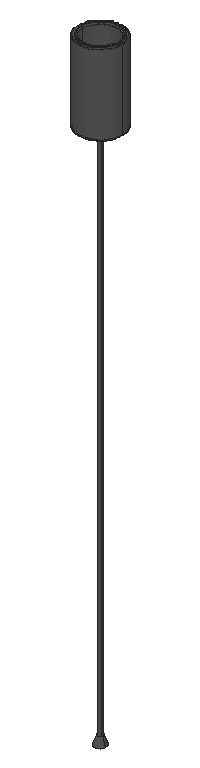
Revit family "CARLO CYLINDER LIGHT Pendant_ Surface", category Lighting Fixtures, host Face, Revit 2020 (continued)
Types (13): name | Wattage_Input | Wattage Comments | Wattage | built-in parameter 1150134 | Size 08 | Size 04 | Photometric Web File | built-in parameter 1150142 | Model | built-in parameter 1150105 | Lumens | built-in parameter 1150107 | built-in parameter 1150106 | Fixture Height | Fixture Diameter | BEAMING ANGLE | Apparent Load
    29223 0.32311 0.35095 \r\n 0.38548 0.43181 0.49629 0.59403 0.7038 0.80446 0.91078 1.0316 1.1636 1.3129 \r\n 1.4592 1.5685 1.6866 1.8676 2.0529 2.1881 2.3147 2.4578 2.6121 2.7909 \r\n 2.9633 3.0908 3.2093 3.3442 3.4882 3.6444 3.8079 3.9728 4.1462 4.3326 \r\n 4.5342 4.7449 4.993 5.2937 5.6796 6.1845 6.8195 7.6367 8.5475 9.4854 \r\n 10.436 11.323 12.263 13.116 14.572 17.259 21.228 27.019 33.787 40.932 \r\n 48.248 55.182 62.184 69.635 77.186 84.644 91.915 98.921 105.41 111.03 \r\n 115.98 120.51 124.13 126.13 127.41 128.67 129.76 130.74 131.64 132.52 \r\n 133.39 134.26 135.17 136.19 137.23 138.17 139.13 140.17 141.29 142.47 \r\n 143.82 145.46 147.35 149.46 151.95 154.99 158.56 162.62 167.47 173.38 \r\n 180.47 188.33 198.77 214.55 232.43 249.79 267.59 284.66 304.73 332.12 \r\n 363.85 398.42 435.63 474.69 515.84 559.13 604.33 651.42 699.73 748.57 \r\n 797.93 847.75 897.6 947.22 996.05 1043.9 1089.3 1131.2 1169.1 1201.4 \r\n 1230.2 1257 1282.5 1308 1333.3 1359.8 1385.1 1407.8 1427.2 1441.7 \r\n 1452.3 \r\n1448.4 1439.1 1426.1 1410 1391.4 1371 1348.3 1322.9 1295.6 1267.7 \r\n 1237.5 1203.7 1166.8 1126.9 1084.4 1039.6 992.96 944.51 894.81 844.28 \r\n 793.32 742.19 691.68 642.56 595.16 550.25 507.3 465.81 426.41 389.43 \r\n 355.36 324.8 297.73 274.75 254.48 235.24 218.5 205.69 195.18 185.73 \r\n 177.63 170.81 165.08 160.3 156.23 152.55 149.39 146.82 144.65 142.71 \r\n 141.05 139.69 138.54 137.56 136.66 135.75 134.84 133.89 132.97 132.13 \r\n 131.34 130.57 129.84 129.17 128.48 127.72 126.82 125.89 124.44 122.05 \r\n 118.65 113.94 108.25 101.71 94.693 87.683 80.48 72.951 65.383 58.002 \r\n 50.857 44.071 37.653 31.554 26.065 21.392 17.742 15.633 14.338 13.343 \r\n 12.536 11.645 10.64 9.3211 7.9332 6.5829 5.4849 5.0122 4.7963 4.5807 \r\n 4.4024 4.2076 4.0127 3.8095 3.618 3.4611 3.3223 3.1963 3.071 2.9302 \r\n 2.7811 2.6208 2.4639 2.3309 2.2018 2.0625 1.9148 1.7453 1.5853 1.4766 \r\n 1.3729 1.229 1.0829 0.96276 0.85304 0.74618 0.64622 0.55243 0.47167 0.41359 \r\n 0.36919 0.33312 0.30408 0.27881 0.25787 0.2408 0.22749 0.21926 0.21133 0.19924 \r\n 0.1874 0.17989 0.17327 0.16486 0.15653 0.14944 0.14298 0.13713 0.13122 0.12424 \r\n 0.11723 0.11113 0.1052 0.099129 0.092657 0.084553 0.077462 0.075905 0.073015 0.060296 \r\n 0.047148 0.042495 0.039272 0.03202 0.024846 0.020789 0.017598 0.013554 0.010095 0.0088099 \r\n 0.007532 0.0036563 0.000090 0 0 0 0 0 0 0 \r\n 0 0 0 0 0 0 0 0 0.000044 0.0019379 \r\n 0.0047921 0.0086244 0.012515 0.015106 0.017728 0.0213 0.025688 0.03124 0.037421 0.043042 \r\n 0.050408 0.063366 0.0761 0.082693 0.087294 0.092143 0.097063 0.10271 0.10882 0.11534 \r\n 0.12227 0.12963 0.13728 0.1451 0.1531 0.16136 0.16958 0.17679 0.18513 0.19842 \r\n 0.21077 0.21475 0.21877 0.23207 0.24814 0.26167 0.27825 0.3029 0.332 0.36142 \r\n 0.39779 0.44442 0.50713 0.59805 0.70149 0.80314 0.91094 1.0271 1.1545 1.3048 \r\n 1.4539 1.568 1.6885 1.8618 2.0397 2.18 2.3118 2.4485 2.5954 2.7746 \r\n 2.9497 3.0805 3.2015 3.3361 3.4781 3.631 3.7886 3.9418 4.1021 4.2769 \r\n 4.4687 4.6799 4.9185 5.1831 5.5054 5.9033 6.4168 7.1151 7.9286 8.826 \r\n 9.7612 10.641 11.575 12.419 13.841 16.446 20.272 25.809 32.307 39.228 \r\n 46.426 53.498 60.682 68.149 75.691 83.192 90.538 97.66 104.3 110.14 \r\n 115.31 120.01 123.76 125.87 127.2 128.43 129.47 130.49 131.42 132.27 \r\n 133.1 133.98 134.89 135.88 136.89 137.87 138.86 139.9 141 142.18 \r\n 143.53 145.14 147.02 149.11 151.58 154.53 158.02 162.03 166.82 172.57 \r\n 179.48 187.34 197.5 211.95 228.46 245.21 262.96 280.99 302.03 329.34 \r\n 360.64 394.82 431.66 470.52 511.56 554.84 599.98 646.8 694.79 743.3 \r\n 792.47 842.42 892.51 942.36 991.37 1039.1 1084.6 1126.5 1164.6 1197.3 \r\n 1226.6 1253.5 1279.2 1305.3 1331.3 1357.7 1382.9 1405.9 1425.7 1440.8 \r\n 1452.3 \r\n1448.4 1439.4 1426.3 1409.7 1390.5 1369.2 1345.8 1320.2 1293 1265.5 \r\n 1235.7 1202.2 1165.7 1126.3 1084.2 1039.7 992.96 944.24 894.21 843.48 \r\n 792.47 741.6 691.41 642.38 595.08 550.49 507.82 466.35 426.85 389.67 \r\n 355.42 324.86 298 275.86 256.21 236.36 218.8 205.82 195.29 185.71 \r\n 177.5 170.66 164.92 160.13 156.04 152.36 149.18 146.57 144.39 142.48 \r\n 140.87 139.55 138.45 137.52 136.67 135.78 134.89 134.01 133.15 132.35 \r\n 131.59 130.82 130.09 129.45 128.81 128.09 127.24 126.32 124.84 122.35 \r\n 118.85 114.1 108.37 101.71 94.521 87.233 79.81 72.319 64.878 57.623 \r\n 50.567 43.733 37.235 31.098 25.614 21.052 17.513 15.388 14.07 13.143 \r\n 12.414 11.541 10.552 9.3032 7.9778 6.6265 5.5068 5.0152 4.7848 4.5742 \r\n 4.4042 4.2059 4.0067 3.8069 3.6191 3.4604 3.3177 3.1864 3.0581 2.9231 \r\n 2.7805 2.6192 2.4588 2.3209 2.1881 2.0522 1.9075 1.7326 1.5668 1.4592 \r\n 1.3585 1.2173 1.0725 0.94882 0.83573 0.73167 0.63479 0.539 0.4555 0.39684 \r\n 0.35283 0.31814 0.29066 0.26596 0.2456 0.23018 0.21815 0.20893 0.20012 0.18881 \r\n 0.1781 0.1712 0.16496 0.15673 0.14831 0.14075 0.13377 0.12784 0.12187 0.11433 \r\n 0.10701 0.10181 0.096902 0.090907 0.084416 0.076834 0.070348 0.069406 0.066628 0.052515 \r\n 0.037876 0.033078 0.029958 0.022066 0.014639 0.011862 0.010443 0.0080496 0.0059907 0.0052278 \r\n 0.0044695 0.0021697 0.000053 0 0 0 0 0 0 0 \r\n 0 0 0 0 0 0 0 0 0.000073 0.0033254 \r\n 0.0080241 0.013825 0.019667 0.024032 0.027949 0.03164 0.036009 0.042682 0.049721 0.054721 \r\n 0.060714 0.071414 0.082375 0.089596 0.09546 0.10082 0.10626 0.11291 0.12001 0.12746 \r\n 0.13447 0.13922 0.14463 0.1542 0.1643 0.17171 0.17886 0.18708 0.19642 0.20871 \r\n 0.21995 0.22459 0.22907 0.24126 0.25659 0.27235 0.29089 0.31356 0.34067 0.37201 \r\n 0.41057 0.45739 0.5181 0.60213 0.69915 0.8016 0.91062 1.0217 1.1442 1.2953 \r\n 1.4475 1.5661 1.6889 1.8542 2.0248 2.1704 2.3077 2.4374 2.5764 2.7556 \r\n 2.9334 3.0675 3.1912 3.3253 3.4647 3.6143 3.7657 3.9073 4.0542 4.2164 \r\n 4.3973 4.6074 4.8349 5.0601 5.317 5.6117 6.0085 6.5913 7.3088 8.1625 \r\n 9.0779 9.9446 10.872 11.719 13.124 15.679 19.383 24.64 30.836 37.521 \r\n 44.602 51.832 59.22 66.717 74.252 81.772 89.169 96.401 103.21 109.29 \r\n 114.71 119.56 123.42 125.61 126.99 128.18 129.17 130.21 131.18 132 \r\n 132.79 133.66 134.58 135.54 136.52 137.53 138.55 139.59 140.68 141.85 \r\n 143.19 144.79 146.65 148.74 151.18 154.06 157.46 161.43 166.16 171.77 \r\n 178.51 186.4 196.25 209.21 224.2 240.34 258.15 277.26 299.4 326.68 \r\n 357.57 391.35 427.81 466.49 507.44 550.75 595.87 642.41 690.04 738.24 \r\n 787.23 837.31 887.65 937.77 986.96 1034.7 1080 1122 1160.2 1193.4 \r\n 1223.2 1250.3 1276.2 1303 1329.6 1355.9 1380.9 1404 1424.2 1439.9 \r\n 1452.3 \r\n1448.4 1439.9 1426.6 1409.7 1389.9 1367.7 1343.6 1317.9 1291 1263.7 \r\n 1234.4 1201.3 1165.1 1126.2 1084.6 1040.3 993.55 944.56 894.21 843.3 \r\n 792.24 741.64 691.78 642.9 595.71 551.36 508.88 467.42 427.83 390.44 \r\n 356 325.34 298.62 277.31 258.31 237.88 219.49 206.22 195.54 185.82 \r\n 177.52 170.63 164.89 160.06 155.96 152.26 149.07 146.43 144.22 142.34 \r\n 140.77 139.48 138.42 137.53 136.72 135.84 134.98 134.15 133.35 132.59 \r\n 131.84 131.08 130.35 129.73 129.12 128.44 127.62 126.7 125.19 122.6 \r\n 119 114.2 108.41 101.63 94.289 86.767 79.157 71.686 64.339 57.188 \r\n 50.203 43.302 36.714 30.545 25.072 20.604 17.154 15.002 13.651 12.79 \r\n 12.139 11.284 10.318 9.1589 7.9247 6.6114 5.5051 5.0079 4.7672 4.5626 \r\n 4.3999 4.1988 3.9967 3.8029 3.6212 3.4616 3.3154 3.1786 3.047 2.9187 \r\n 2.7831 2.6211 2.4571 2.3138 2.1771 2.045 1.904 1.7244 1.5531 1.4459 \r\n 1.3474 1.2088 1.0654 0.93783 0.82112 0.71985 0.62605 0.52804 0.44149 0.38204 \r\n 0.3381 0.30423 0.27777 0.25346 0.23358 0.21956 0.20861 0.19862 0.1891 0.1784 \r\n 0.1686 0.16217 0.15626 0.14831 0.13997 0.13193 0.12443 0.11842 0.1124 0.10438 \r\n 0.096784 0.092283 0.088205 0.082349 0.075979 0.069111 0.063292 0.06252 0.059454 0.044191 \r\n 0.028405 0.023442 0.020383 0.012051 0.0045624 0.0030238 0.0032876 0.002537 0.0018859 0.0016458 \r\n 0.0014071 0.00068304 0.000017 0 0 0 0 0 0 0 \r\n 0 0 0 0 0 0 0 0 0.000100 0.0046214 \r\n 0.010985 0.018401 0.025826 0.031726 0.036782 0.040553 0.044874 0.052499 0.060236 0.064584 \r\n 0.069232 0.077733 0.086989 0.094889 0.10203 0.10786 0.11374 0.12121 0.12916 0.13748 \r\n 0.14461 0.14711 0.15052 0.16149 0.17332 0.17995 0.18614 0.19527 0.20545 0.21656 \r\n 0.22661 0.23226 0.23757 0.24854 0.26293 0.28081 0.30128 0.32203 0.34726 0.38066 \r\n 0.42152 0.46839 0.52715 0.60517 0.69655 0.79933 0.90903 1.0155 1.1338 1.2855 \r\n 1.44 1.5626 1.6871 1.8453 2.0091 2.1595 2.3016 2.4249 2.5566 2.7357 \r\n 2.9157 3.0527 3.1785 3.3118 3.4488 3.595 3.7408 3.8722 4.0071 4.1573 \r\n 4.3271 4.5347 4.7502 4.9371 5.1343 5.3415 5.6399 6.122 6.753 7.5614 \r\n 8.451 9.297 10.215 11.074 12.484 15.027 18.645 23.629 29.523 35.988 \r\n 42.965 50.354 57.948 65.492 73.029 80.545 87.962 95.294 102.26 108.6 \r\n 114.26 119.22 123.13 125.4 126.81 127.96 128.91 129.96 130.95 131.74 \r\n 132.49 133.36 134.27 135.19 136.16 137.19 138.24 139.27 140.35 141.52 \r\n 142.85 144.44 146.28 148.36 150.78 153.6 156.94 160.88 165.57 171.06 \r\n 177.65 185.59 195.15 206.64 220.15 235.82 253.79 273.94 297.12 324.4 \r\n 354.96 388.39 424.52 463.05 503.95 547.31 592.43 638.68 685.98 733.92 \r\n 782.77 832.99 883.59 933.96 983.32 1030.9 1076 1118 1156.5 1190.1 \r\n 1220.4 1247.8 1273.9 1301.3 1328.4 1354.6 1379.4 1402.6 1423 1439 \r\n 1452.3 \r\n1448.4 1440.4 1426.9 1409.7 1389.5 1366.6 1341.8 1316.1 1289.4 1262.3 \r\n 1233.2 1200.4 1164.6 1126.1 1084.8 1040.7 994.14 945 894.44 843.4 \r\n 792.31 741.84 692.2 643.6 596.66 552.37 509.9 468.46 428.86 391.37 \r\n 356.81 325.98 299.24 278.43 259.84 239.01 220.07 206.58 195.8 186.02 \r\n 177.68 170.75 164.97 160.12 156 152.29 149.09 146.45 144.24 142.37 \r\n 140.83 139.57 138.53 137.65 136.84 135.97 135.11 134.31 133.54 132.8 \r\n 132.06 131.31 130.59 129.98 129.37 128.66 127.8 126.86 125.31 122.67 \r\n 118.98 114.02 108.05 101.15 93.714 86.145 78.501 70.97 63.568 56.398 \r\n 49.393 42.421 35.784 29.672 24.284 19.877 16.473 14.338 13.003 12.189 \r\n 11.593 10.777 9.8657 8.8109 7.6916 6.4778 5.4468 4.9733 4.7359 4.5386 \r\n 4.3805 4.1827 3.9843 3.7984 3.6236 3.4645 3.3164 3.1765 3.0435 2.921 \r\n 2.7912 2.628 2.4606 2.3137 2.1747 2.0457 1.908 1.7259 1.5515 1.4442 \r\n 1.3464 1.2092 1.0663 0.93558 0.81613 0.71721 0.62586 0.52568 0.43631 0.37643 \r\n 0.33249 0.29776 0.27042 0.2457 0.22572 0.21208 0.20159 0.19169 0.18216 0.17131 \r\n 0.16136 0.15491 0.14912 0.14162 0.13362 0.12528 0.11745 0.11176 0.10606 0.097753 \r\n 0.089794 0.085207 0.081219 0.075654 0.069739 0.063688 0.058353 0.056713 0.052607 0.037192 \r\n 0.021487 0.016342 0.013412 0.0062011 0 0 0 0 0 0 \r\n 0 0 0 0 0 0 0 0 0 0 \r\n 0 0 0 0 0 0 0 0 0.00010335 0.0048021 \r\n 0.011352 0.018815 0.026268 0.032305 0.037444 0.041051 0.045171 0.052806 0.060454 0.064341 \r\n 0.06828 0.075561 0.083978 0.092687 0.1009 0.10686 0.11263 0.12006 0.12804 0.13681 \r\n 0.14423 0.14619 0.14898 0.1599 0.17177 0.1781 0.184 0.19324 0.20338 0.21342 \r\n 0.22279 0.22999 0.23672 0.24641 0.25935 0.27794 0.2993 0.3193 0.34406 0.37936 \r\n 0.42212 0.46881 0.52657 0.60331 0.69321 0.79456 0.90302 1.0088 1.1266 1.2782 \r\n 1.4326 1.5554 1.6795 1.8353 1.9969 2.1478 2.2903 2.4117 2.5413 2.7204 \r\n 2.9007 3.0371 3.162 3.2945 3.4302 3.5747 3.7177 3.8445 3.9736 4.1169 \r\n 4.2788 4.4801 4.6843 4.8465 5.0122 5.1863 5.4454 5.8762 6.4529 7.2096 \r\n 8.0528 8.857 9.7521 10.63 12.079 14.7 18.341 23.142 28.824 35.182 \r\n 42.133 49.628 57.367 65.024 72.628 80.082 87.441 94.843 101.94 108.5 \r\n 114.34 119.28 123.11 125.36 126.77 127.92 128.87 129.91 130.87 131.63 \r\n 132.36 133.21 134.1 135 135.94 136.97 138.03 139.05 140.12 141.28 \r\n 142.6 144.17 145.99 148.07 150.5 153.32 156.66 160.6 165.29 170.77 \r\n 177.33 185.31 194.71 205.36 218.11 233.89 252.25 272.8 296.31 323.64 \r\n 354.13 387.49 423.55 462.06 502.96 546.37 591.48 637.49 684.54 732.47 \r\n 781.42 831.81 882.59 933.14 982.56 1029.8 1074.7 1116.6 1155.1 1189 \r\n 1219.7 1247.4 1273.7 1301.4 1328.6 1354.7 1379.4 1402.5 1422.8 1438.9 \r\n 1452.3 \r\n1448.4 1440.7 1427 1409.7 1389.2 1365.7 1340.4 1314.7 1288.1 1261 \r\n 1232 1199.5 1164.1 1125.7 1084.6 1040.8 994.46 945.31 894.66 843.58 \r\n 792.46 742 692.46 644.26 597.69 553.3 510.64 469.26 429.75 392.27 \r\n 357.66 326.63 299.71 279.04 260.58 239.57 220.4 206.82 196 186.25 \r\n 177.95 170.98 165.15 160.28 156.15 152.44 149.26 146.62 144.43 142.58 \r\n 141.06 139.81 138.76 137.86 137.03 136.14 135.28 134.48 133.71 132.96 \r\n 132.23 131.5 130.8 130.19 129.54 128.74 127.78 126.79 125.22 122.54 \r\n 118.76 113.54 107.31 100.27 92.79 85.36 77.836 70.169 62.568 55.253 \r\n 48.138 41.097 34.46 28.495 23.269 18.892 15.498 13.432 12.167 11.38 \r\n 10.812 10.055 9.2258 8.2836 7.2948 6.2352 5.3365 4.9141 4.6933 4.5038 \r\n 4.3475 4.1591 3.9708 3.7942 3.6265 3.4693 3.321 3.1806 3.0481 2.9301 \r\n 2.8044 2.6395 2.4692 2.3206 2.1812 2.0544 1.919 1.737 1.5619 1.4541 \r\n 1.3558 1.2183 1.0749 0.94217 0.82116 0.72396 0.63426 0.53217 0.44047 0.38066 \r\n 0.33666 0.29948 0.26946 0.24353 0.22287 0.20855 0.19783 0.18888 0.18002 0.16831 \r\n 0.15721 0.15025 0.14434 0.13738 0.12997 0.1215 0.11357 0.10859 0.10356 0.095177 \r\n 0.086787 0.081339 0.076695 0.071539 0.066358 0.061146 0.056067 0.052597 0.046795 0.032247 \r\n 0.01785 0.012626 0.0097947 0.0043939 0 0 0 0 0 0 \r\n 0 0 0 0 0 0 0 0 0 0 \r\n 0 0 0 0 0 0 0 0 0.000082 0.0038135 \r\n 0.0090151 0.014941 0.02086 0.025604 0.029735 0.032917 0.036677 0.043388 0.050177 0.053823 \r\n 0.057746 0.064911 0.073449 0.083026 0.091998 0.097728 0.10286 0.10938 0.11661 0.12533 \r\n 0.13317 0.13637 0.13994 0.14938 0.15957 0.16611 0.17242 0.18093 0.19015 0.19935 \r\n 0.20855 0.21774 0.22637 0.2348 0.24587 0.26364 0.28475 0.30523 0.33098 0.36783 \r\n 0.41191 0.4582 0.516 0.59627 0.68897 0.78716 0.89253 1.0015 1.1229 1.2734 \r\n 1.4253 1.5446 1.6663 1.8246 1.9884 2.1354 2.2742 2.3982 2.5311 2.7102 \r\n 2.8888 3.0212 3.1423 3.2739 3.4098 3.5542 3.6974 3.8257 3.9557 4.0978 \r\n 4.2558 4.4475 4.6414 4.7945 4.9598 5.1595 5.4433 5.8769 6.4353 7.1377 \r\n 7.9167 8.6596 9.5203 10.422 11.943 14.728 18.497 23.221 28.796 35.166 \r\n 42.167 49.707 57.52 65.347 73.076 80.42 87.65 95.091 102.29 109.02 \r\n 114.97 119.74 123.36 125.5 126.87 128.06 129.05 130.05 130.95 131.68 \r\n 132.38 133.21 134.08 134.96 135.87 136.88 137.92 138.93 139.99 141.13 \r\n 142.44 143.99 145.8 147.89 150.35 153.22 156.62 160.61 165.33 170.9 \r\n 177.56 185.56 194.95 205.45 218.21 234.67 253.64 273.89 296.98 324.39 \r\n 355.1 388.68 424.94 463.55 504.49 547.94 593.03 638.84 685.76 733.95 \r\n 783.23 833.81 884.69 935.32 984.68 1031.6 1076 1117.6 1156 1190.2 \r\n 1221.1 1249.1 1275.7 1303.1 1330.1 1356.4 1381.1 1403.8 1423.5 1439.3 \r\n 1452.3 \r\n1448.4 1441 1427.1 1409.6 1388.9 1364.9 1339.2 1313.4 1286.9 1259.8 \r\n 1230.9 1198.7 1163.5 1125.3 1084.3 1040.8 994.65 945.53 894.83 843.73 \r\n 792.62 742.14 692.69 644.92 598.71 554.16 511.26 469.93 430.53 393.12 \r\n 358.5 327.27 300.14 279.45 261.01 239.94 220.7 207.05 196.19 186.49 \r\n 178.25 171.25 165.36 160.48 156.35 152.65 149.48 146.86 144.69 142.86 \r\n 141.35 140.1 139.04 138.11 137.24 136.34 135.46 134.65 133.87 133.11 \r\n 132.38 131.67 130.98 130.36 129.66 128.76 127.68 126.64 125.03 122.31 \r\n 118.43 112.95 106.45 99.285 91.79 84.54 77.168 69.36 61.538 54.055 \r\n 46.809 39.703 33.08 27.273 22.215 17.866 14.478 12.492 11.307 10.536 \r\n 9.9807 9.279 8.5327 7.7028 6.8496 5.9625 5.2153 4.8524 4.6514 4.4689 \r\n 4.3126 4.1345 3.9579 3.7912 3.631 3.4762 3.3283 3.1883 3.0565 2.9423 \r\n 2.8197 2.6531 2.48 2.3308 2.1916 2.0664 1.9328 1.7519 1.5773 1.4684 \r\n 1.3687 1.2304 1.0862 0.95202 0.8301 0.73408 0.64544 0.54186 0.44839 0.38872 \r\n 0.34455 0.30458 0.27151 0.24431 0.22289 0.20747 0.19614 0.18831 0.18028 0.16767 \r\n 0.15532 0.14771 0.14156 0.13507 0.12825 0.11976 0.11182 0.10743 0.10298 0.094702 \r\n 0.086031 0.079551 0.074031 0.069233 0.064769 0.060344 0.055438 0.049928 0.042321 0.028945 \r\n 0.016205 0.011064 0.0081668 0.003581 0 0 0 0 0 0 \r\n 0 0 0 0 0 0 0 0 0 0 \r\n 0 0 0 0 0 0 0 0 0.000055 0.0025706 \r\n 0.0060769 0.010071 0.014061 0.017175 0.020044 0.022712 0.026065 0.031694 0.037517 0.040987 \r\n 0.045088 0.052573 0.061578 0.071857 0.081307 0.086735 0.091168 0.096622 0.10293 0.1114 \r\n 0.1196 0.12448 0.12924 0.13685 0.14499 0.15188 0.15877 0.16642 0.17453 0.18292 \r\n 0.19205 0.2032 0.21375 0.22108 0.23032 0.24685 0.26733 0.28855 0.31552 0.35354 \r\n 0.39853 0.44435 0.50247 0.58739 0.6839 0.77868 0.88063 0.99369 1.1194 1.2687 \r\n 1.4173 1.5321 1.6509 1.8129 1.9803 2.1225 2.2566 2.3844 2.522 2.7009 \r\n 2.87
